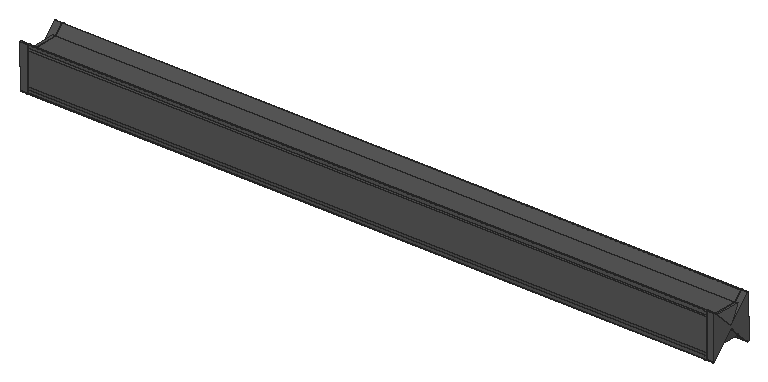
Revit family "LUX-W-D", category Lighting Fixtures, host Face, Revit 2018
Family settings
  Host = Face
  Round Connector Dimension = Use Diameter
  Part Type = Normal
  Cut with Voids When Loaded = No
  Light Source = Yes
  Shared = Yes
  Room Calculation Point = Yes
Parameters (values of type "4' Direct")
  Wattage = 17.6471 W
  built-in parameter 1150110 = 1 (stored number, unit not read)
  Voltage = 0 V
  built-in parameter 1114217 = 1 (stored number, unit not read)
  built-in parameter 1150109 = 1 (stored number, unit not read)
  built-in parameter 1150134 = 12
  Switch Leg Visibility = yes
  Switch Leg [instance] = ""
  Suspension Length [instance] = 2' - 0"
  built-in parameter 1150113 = 1 (stored number, unit not read)
  Material [instance] = LUX ILLUMINAIRE Black
  built-in parameter 1150105 = 477.46 (stored number, unit not read)
  Lumens = 1500 lm
  built-in parameter 1150115 = 1 (stored number, unit not read)
  Light Source Symbol Size = 2' - 0"
  built-in parameter 1150137 = (empty or 0)
  built-in parameter 1150139 = (empty or 0)
  built-in parameter 1150112 = 1 (stored number, unit not read)
  built-in parameter 1150114 = 1 (stored number, unit not read)
  Lamp = "LED"
  built-in parameter 1150132 = 2
  built-in parameter 1150102 = (empty or 0)
  built-in parameter 1150107 = 4000 (stored number, unit not read)
  built-in parameter 1150138 = (empty or 0)
  built-in parameter 1150106 = 4.7746 (stored number, unit not read)
  Fixture Width = 0' - 2 1/4"  # constant formula
  Fixture Symbol Visiblity = yes
  Fixture Length = 3' - 11.99935"
  End Cap Height [instance] = 1' - 8 15/16"
  End Cap - Sculpted = yes
  End Cap - Flat = no
  Emit from Rectangle Width = 0' - 2 1/2"  # constant formula
  Emit from Rectangle Length = Fixture Length  # 3' - 11.99935"
  Emit Shape Visible in Rendering = yes
  Emergency Lighting [instance] = no
  built-in parameter 1150104 = 7.8968 (stored number, unit not read)
  Dimming Lamp Color Temperature Shift = <None>
  Default Elevation = 7' - 0"
  Color Filter = 16777215
  built-in parameter 1140040 [instance] = 1
  built-in parameter 1114218 = 1 (stored number, unit not read)
  built-in parameter 1150133 = 10 (stored number, unit not read)
  Apparent Load = 12.8 VA
Types (7): name | Wattage | built-in parameter 1150105 | Lumens | built-in parameter 1150106 | Fixture Length | Emit from Rectangle Length | Apparent Load
  3' Direct | 13.2353 W | 358.1 (stored number, unit not read) | 1125 lm | 3.581 (stored number, unit not read) | 3' - 0" | 3' - 0" | 9.6 VA
  4' Direct | 17.6471 W | 477.46 (stored number, unit not read) | 1500 lm | 4.7746 (stored number, unit not read) | 3' - 11.99935" | 3' - 11.99935" | 12.8 VA
  5' Direct | 22.0588 W | 596.83 (stored number, unit not read) | 1875 lm | 5.9683 (stored number, unit not read) | 5' - 0" | 5' - 0" | 16 VA
  6' Direct | 26.4706 W | 716.2 (stored number, unit not read) | 2250 lm | 7.162 (stored number, unit not read) | 6' - 0" | 6' - 0" | 19.2 VA
  7' Direct | 30.8824 W | 835.56 (stored number, unit not read) | 2625 lm | 8.3556 (stored number, unit not read) | 7' - 0" | 7' - 0" | 22.4 VA
  8' Direct | 35.2941 W | 954.93 (stored number, unit not read) | 3000 lm | 9.5493 (stored number, unit not read) | 8' - 0" | 8' - 0" | 25.6 VA
  2' Direct | 8.82353 W | 238.73 (stored number, unit not read) | 750 lm | 2.3873 (stored number, unit not read) | 2' - 0" | 2' - 0" | 6.4 VA
Reference planes (in)
  plane 1 "Center (Front/Back)": y = 0
  plane 2: z = 0
  plane 3 "Center (Left/Right)": x = 0
  plane 4: x = 23.99967
  plane 5: x = -23.99967
  plane 6: z = 1
  plane 7: x = 24.25163
  plane 8: x = -24.25033
  plane 9: z = 2.25
  plane 10: x = 24.49967
  plane 11: x = -24.50033
Forms (in)
  Extrusion 1, solid, not visible
    sketch origin (0, 0, 0) x (1, 0, 0) y (0, 1, 0)
      loop
        circle (0.00029, -24) r 0.1875
    from 0 to 1
  Extrusion 2, solid, not visible
    sketch origin (0, 0, 0) x (1, 0, 0) y (0, 1, 0)
      loop
        circle (0.0005, -24) r 0.03125
    from 1 to 13.33203
  Extrusion 3, solid, not visible
    sketch origin (0, 0, 0) x (1, 0, 0) y (0, 1, 0)
      loop
        circle (0.0005, -24) r 0.18729
    from 13.33203 to 14.08203
  Extrusion 4, solid, material "LUX ILLUMINAIRE Black" <- "Material", visible <- "End Cap - Flat"
    sketch origin (0, -17.27953, 1.57677) x (0, 0, -1) y (0, 1, 0)
      loop
        line (-1.56538, 18.8186) -> (-1.01751, 18.27073) -> (-1.01751, 16.37827) -> (-1.56538, 15.83039)
        arc (-1.56538, 15.83039) -> (-1.56878, 15.80652) -> (-1.54849, 15.7935) r 0.02231
        line (-1.54849, 15.7935) -> (1.54849, 15.7935)
        arc (1.54849, 15.7935) -> (1.56878, 15.80652) -> (1.56538, 15.83039) r 0.02231
        line (1.56538, 15.83039) -> (1.01895, 16.37827) -> (1.01895, 18.27073) -> (1.56683, 18.8186)
        arc (1.56683, 18.8186) -> (1.56878, 18.84247) -> (1.54849, 18.8555) r 0.02231
        line (1.54849, 18.8555) -> (-1.54849, 18.8555)
        arc (-1.54849, 18.8555) -> (-1.56878, 18.84247) -> (-1.56538, 18.8186) r 0.02231
    from 23.99967 to 24.25163
  Extrusion 5, solid, material "LUX ILLUMINAIRE Black" <- "Material", visible <- "End Cap - Flat"
    sketch origin (0, -17.27953, 1.57677) x (0, 0, -1) y (0, -1, 0)
      loop
        arc (-1.56538, -18.8186) -> (-1.56878, -18.84247) -> (-1.54849, -18.8555) r 0.02231
        line (-1.54849, -18.8555) -> (1.54849, -18.8555)
        arc (1.54849, -18.8555) -> (1.56878, -18.84247) -> (1.56683, -18.8186) r 0.02231
        line (1.56683, -18.8186) -> (1.01895, -18.27073) -> (1.01895, -16.37827) -> (1.56538, -15.83039)
        arc (1.56538, -15.83039) -> (1.56878, -15.80652) -> (1.54849, -15.7935) r 0.02231
        line (1.54849, -15.7935) -> (-1.54849, -15.7935)
        arc (-1.54849, -15.7935) -> (-1.56878, -15.80652) -> (-1.56538, -15.83039) r 0.02231
        line (-1.56538, -15.83039) -> (-1.01751, -16.37827) -> (-1.01751, -18.27073) -> (-1.56538, -18.8186)
    from 23.99967 to 24.25033
  Extrusion 6, solid, material "LUX ILLUMINAIRE Black" <- "Material"
    sketch origin (0, 10.77848, 2.66418) x (0, 0, -1) y (0, 1, 0)
      loop
        line (2.40203, -12.26452) -> (2.40203, -12.23323) -> (2.22754, -12.26452) -> (-0.05203, -12.26452) -> (-0.22687, -12.23323) -> (-0.22687, -12.26452) -> (-0.46108, -12.26452)
        arc (-0.46108, -12.26452) -> (-0.48137, -12.25149) -> (-0.47797, -12.22763) r 0.02231
        line (-0.47797, -12.22763) -> (0.0699, -11.67975) -> (0.0699, -9.78729) -> (-0.47797, -9.23941)
        arc (-0.47797, -9.23941) -> (-0.48137, -9.21554) -> (-0.46108, -9.20252) r 0.02231
        line (-0.46108, -9.20252) -> (-0.22687, -9.20252) -> (-0.22687, -9.2338) -> (-0.05255, -9.20261) -> (2.22737, -9.20261) -> (2.40203, -9.23386) -> (2.40203, -9.20258) -> (2.6359, -9.20258)
        arc (2.6359, -9.20258) -> (2.65619, -9.2156) -> (2.6528, -9.23947) r 0.02231
        line (2.6528, -9.23947) -> (2.10636, -9.78735) -> (2.10636, -11.67981) -> (2.65424, -12.22763)
        arc (2.65424, -12.22763) -> (2.65619, -12.25149) -> (2.6359, -12.26452) r 0.02231
        line (2.6359, -12.26452) -> (2.40813, -12.26452)
    from -23.99967 to 23.99967
  Extrusion 7, solid, material "LUX ILLUMINAIRE Black" <- "Material", visible <- "End Cap - Sculpted"
    sketch origin (0, -17.27906, 1.57677) x (0, 0, -1) y (0, -1, 0)
      loop
        line (-1.54849, -18.8555) -> (1.54849, -18.8555)
        arc (1.54849, -18.8555) -> (1.56878, -18.84247) -> (1.56683, -18.8186) r 0.02231
        line (1.56683, -18.8186) -> (0.07272, -17.3245) -> (1.56538, -15.83039)
        arc (1.56538, -15.83039) -> (1.56878, -15.80652) -> (1.54849, -15.7935) r 0.02231
        line (1.54849, -15.7935) -> (-1.54849, -15.7935)
        arc (-1.54849, -15.7935) -> (-1.56878, -15.80652) -> (-1.56538, -15.83039) r 0.02231
        line (-1.56538, -15.83039) -> (-0.07128, -17.3245) -> (-1.56538, -18.8186)
        arc (-1.56538, -18.8186) -> (-1.56878, -18.84247) -> (-1.54849, -18.8555) r 0.02231
    from 23.99967 to 24.50033
  Extrusion 8, solid, material "LUX ILLUMINAIRE Black" <- "Material", visible <- "End Cap - Sculpted"
    sketch origin (0, -22.42354, 1.57677) x (0, 0, -1) y (-1, 0, 0)
      loop
        line (-1.01751, 24) -> (1.01895, 24) -> (1.01895, 24.19087) -> (0.07138, 24.47835) -> (-0.07128, 24.47835) -> (-1.01751, 24.19087) -> (-1.01751, 24)
    from 20.9375 <- "End Cap Height" to 24 <- "Suspension Length"
  Extrusion 9, solid, material "LUX ILLUMINAIRE Black" <- "Material", visible <- "End Cap - Sculpted"
    sketch origin (0, -17.27906, 1.57677) x (0, 0, -1) y (0, 1, 0)
      loop
        arc (-1.54849, 18.8555) -> (-1.56878, 18.84247) -> (-1.56538, 18.8186) r 0.02231
        line (-1.56538, 18.8186) -> (-0.07128, 17.3245) -> (-1.56538, 15.83039)
        arc (-1.56538, 15.83039) -> (-1.56878, 15.80652) -> (-1.54849, 15.7935) r 0.02231
        line (-1.54849, 15.7935) -> (1.54849, 15.7935)
        arc (1.54849, 15.7935) -> (1.56878, 15.80652) -> (1.56538, 15.83039) r 0.02231
        line (1.56538, 15.83039) -> (0.07272, 17.3245) -> (1.56683, 18.8186)
        arc (1.56683, 18.8186) -> (1.56878, 18.84247) -> (1.54849, 18.8555) r 0.02231
        line (1.54849, 18.8555) -> (-1.54849, 18.8555)
    from 23.99967 to 24.49967
  Extrusion 10, solid, material "LUX ILLUMINAIRE Black" <- "Material", visible <- "End Cap - Sculpted"
    sketch origin (0, -22.42354, 1.57677) x (0, 0, -1) y (-1, 0, 0)
      loop
        line (-1.01751, -24) -> (-1.01751, -24.19087) -> (-0.07128, -24.47835) -> (0.07138, -24.47835) -> (1.01895, -24.19087) -> (1.01895, -24) -> (-1.01751, -24)
    from 20.9375 <- "End Cap Height" to 24 <- "Suspension Length"
Cuts and joins
  joined: Extrusion 9, Extrusion 10
  joined: Extrusion 7, Extrusion 8
Lines and regions (in)
  symbolic lines, visible <- "Fixture Symbol Visiblity"
    curve 1: line (23.99967, 0, 3.14215) -> (-23.99967, 0, 3.14215)
    curve 2: line (23.99967, 0, 0.09334) -> (23.99967, 0, 3.14215)
    curve 3: line (-23.99967, 0, 0.09334) -> (23.99967, 0, 0.09334)
    curve 4: line (-23.99967, 0, 3.14215) -> (-23.99967, 0, 0.09334)
Dimensions and locks (in)
  plane 5 to plane 4 = 3' - 11.99935"
  plane 4 to plane 5 = 3' - 11.99935"
  equal spacing: plane 4, plane 3 "Center (Left/Right)", plane 5
  "Fixture Length": plane 4 to plane 5
  plane 10 to plane 7 to plane 4 = 0' - 0.24804" locked, 0' - 0.25196" locked
  plane 5 to plane 8 to plane 11 = 0' - 0.25065", 0' - 0 1/4"
  plane 9 to level = 0' - 2 1/4"
  "Fixture Width": level to plane 9
  aligned and locked: plane 2 to host face
  aligned and locked: level to host face
  aligned and locked: plane 5 to curve 4
  aligned and locked: curve 2 to plane 4
  aligned and locked: plane 4 to nested 1
  aligned and locked: nested 1 to plane 5
  aligned and locked: cut or joined group of Extrusion 7, Extrusion 8 to plane 11
  aligned and locked: Extrusion 5 to plane 8
  aligned and locked: plane 5 to cut or joined group of Extrusion 7, Extrusion 8
  aligned and locked: Extrusion 6 to plane 5
  aligned and locked: plane 5 to Extrusion 5
  aligned and locked: plane 10 to cut or joined group of Extrusion 9, Extrusion 10
  aligned and locked: plane 7 to Extrusion 4
  aligned and locked: cut or joined group of Extrusion 9, Extrusion 10 to plane 4
  aligned and locked: plane 4 to Extrusion 6
  aligned and locked: Extrusion 4 to plane 4
Automatic sketch dimensions
  host sketch curve to host sketch curve = 8' - 0"  (x2)
  Extrusion 4 sketch curve to plane 1 "Center (Front/Back)" = 0' - 1 69/128"  (x2)
  plane 9 to Extrusion 4 sketch curve = 0' - 0.89215"
  plane 1 "Center (Front/Back)" to Extrusion 4 sketch curve = 0' - 1.44914"  (x2)
  Extrusion 4 sketch curve to Extrusion 4 sketch curve = 0' - 0"
  Extrusion 4 sketch curve to Extrusion 4 sketch curve = 0' - 0.01689"  (x4)
  Extrusion 4 sketch curve to plane 1 "Center (Front/Back)" = 0' - 0.99119"  (x2)
  Extrusion 4 sketch curve to Extrusion 4 sketch curve = 0' - 0.53099"
  Extrusion 4 sketch curve to Extrusion 4 sketch curve = 0' - 2.03646"
  Extrusion 4 sketch curve to Extrusion 4 sketch curve = 0' - 0.52954"  (x2)
  Extrusion 4 sketch curve to Extrusion 4 sketch curve = 0' - 0.01458"  (x2)
  Extrusion 4 sketch curve to Extrusion 4 sketch curve = 0' - 0.02231"
  Extrusion 4 sketch curve to Extrusion 4 sketch curve = 0' - 0.56246"  (x3)
  Extrusion 4 sketch curve to Extrusion 4 sketch curve = 0' - 0.00145"  (x2)
  Extrusion 5 sketch curve to plane 1 "Center (Front/Back)" = 0' - 1 69/128"  (x2)
  plane 9 to Extrusion 5 sketch curve = 0' - 0.89215"
  plane 1 "Center (Front/Back)" to Extrusion 5 sketch curve = 0' - 1.44914"  (x2)
  Extrusion 5 sketch curve to Extrusion 5 sketch curve = 0' - 0"
  Extrusion 5 sketch curve to Extrusion 5 sketch curve = 0' - 0.01689"  (x4)
  Extrusion 5 sketch curve to plane 1 "Center (Front/Back)" = 0' - 0.99119"  (x2)
  Extrusion 5 sketch curve to Extrusion 5 sketch curve = 0' - 0.53099"
  Extrusion 5 sketch curve to Extrusion 5 sketch curve = 0' - 2.03646"
  Extrusion 5 sketch curve to Extrusion 5 sketch curve = 0' - 0.52954"  (x2)
  Extrusion 5 sketch curve to Extrusion 5 sketch curve = 0' - 0.01458"  (x2)
  Extrusion 5 sketch curve to Extrusion 5 sketch curve = 0' - 0.02231"
  Extrusion 5 sketch curve to Extrusion 5 sketch curve = 0' - 0.54788"
  plane 1 "Center (Front/Back)" to Extrusion 5 sketch curve = 0' - 0.90127"
  Extrusion 5 sketch curve to Extrusion 5 sketch curve = 0' - 0.56246"
  Extrusion 5 sketch curve to Extrusion 5 sketch curve = 0' - 0.00145"  (x2)
  plane 1 "Center (Front/Back)" to Extrusion 6 sketch curve = 0' - 1.44914"  (x2)
  plane 9 to Extrusion 6 sketch curve = 0' - 0.89215"
  Extrusion 6 sketch curve to plane 1 "Center (Front/Back)" = 0' - 1 69/128"
  Extrusion 6 sketch curve to Extrusion 6 sketch curve = 0' - 0"  (x3)
  Extrusion 6 sketch curve to Extrusion 6 sketch curve = 0' - 0.01689"  (x4)
  Extrusion 6 sketch curve to Extrusion 6 sketch curve = 0' - 0.23422"  (x2)
  Extrusion 6 sketch curve to plane 1 "Center (Front/Back)" = 0' - 1.57588"
  Extrusion 6 sketch curve to Extrusion 6 sketch curve = 0' - 0.17432"
  plane 1 "Center (Front/Back)" to Extrusion 6 sketch curve = 0' - 1.48604"
  Extrusion 6 sketch curve to Extrusion 6 sketch curve = 0' - 0.17483"
  Extrusion 6 sketch curve to Extrusion 6 sketch curve = 0' - 0.12194"
  Extrusion 6 sketch curve to plane 1 "Center (Front/Back)" = 0' - 0.99113"
  Extrusion 6 sketch curve to Extrusion 6 sketch curve = 0' - 2.03646"
  Extrusion 6 sketch curve to Extrusion 6 sketch curve = 0' - 0.12101"
  Extrusion 6 sketch curve to Extrusion 6 sketch curve = 0' - 0.12118"
  Extrusion 6 sketch curve to Extrusion 6 sketch curve = 0' - 0.17466"
  Extrusion 6 sketch curve to Extrusion 6 sketch curve = 0' - 0.17449"
  Extrusion 6 sketch curve to Extrusion 6 sketch curve = 0' - 0.23387"  (x2)
  Extrusion 6 sketch curve to Extrusion 6 sketch curve = 0' - 0.03689"
  Extrusion 6 sketch curve to Extrusion 6 sketch curve = 0' - 0.02231"
  Extrusion 6 sketch curve to Extrusion 6 sketch curve = 0' - 0.03129"  (x3)
  Extrusion 6 sketch curve to Extrusion 6 sketch curve = 0' - 0.58471"
  Extrusion 6 sketch curve to Extrusion 6 sketch curve = 0' - 0.58477"
  Extrusion 6 sketch curve to Extrusion 6 sketch curve = 0' - 0.58468"
  Extrusion 6 sketch curve to Extrusion 6 sketch curve = 0' - 0 1/32"
  Extrusion 6 sketch curve to Extrusion 6 sketch curve = 0' - 0.0312"
  Extrusion 6 sketch curve to Extrusion 6 sketch curve = 0' - 0.00897"
  Extrusion 6 sketch curve to Extrusion 6 sketch curve = 0' - 0.01458"
  Extrusion 6 sketch curve to Extrusion 6 sketch curve = 0' - 0.0061"
  Extrusion 6 sketch curve to plane 1 "Center (Front/Back)" = 0' - 1.53901"
  Extrusion 6 sketch curve to Extrusion 6 sketch curve = 0' - 0.00145"  (x2)
  plane 1 "Center (Front/Back)" to Extrusion 7 sketch curve = 0' - 1.44867"  (x2)
  plane 9 to Extrusion 7 sketch curve = 0' - 0.89215"
  Extrusion 7 sketch curve to plane 1 "Center (Front/Back)" = 0' - 1.53954"  (x2)
  Extrusion 7 sketch curve to Extrusion 7 sketch curve = 0' - 0"
  Extrusion 7 sketch curve to Extrusion 7 sketch curve = 0' - 0.01689"  (x4)
  Extrusion 7 sketch curve to plane 1 "Center (Front/Back)" = 0' - 0.04544"  (x2)
  Extrusion 7 sketch curve to Extrusion 7 sketch curve = 0' - 0.144"
  Extrusion 7 sketch curve to Extrusion 7 sketch curve = 0' - 1.47577"  (x2)
  Extrusion 7 sketch curve to plane 1 "Center (Front/Back)" = 0' - 1.55412"
  Extrusion 7 sketch curve to Extrusion 7 sketch curve = 0' - 0.01458"  (x2)
  plane 1 "Center (Front/Back)" to Extrusion 7 sketch curve = 0' - 1.46325"
  Extrusion 7 sketch curve to Extrusion 7 sketch curve = 0' - 0.00145"
  plane 8 to Extrusion 8 sketch curve = 0' - 0.05946"  (x2)
  plane 9 to Extrusion 8 sketch curve = 0' - 0.34428"
  Extrusion 8 sketch curve to plane 8 = 0' - 0.22802"
  Extrusion 8 sketch curve to Extrusion 8 sketch curve = 0' - 0.94623"
  Extrusion 8 sketch curve to Extrusion 8 sketch curve = 0' - 0.14266"
  Extrusion 8 sketch curve to plane 5 = 0' - 0.00033"
  Extrusion 8 sketch curve to Extrusion 8 sketch curve = 0' - 0.94757"
  plane 1 "Center (Front/Back)" to Extrusion 9 sketch curve = 0' - 1.44867"  (x2)
  plane 9 to Extrusion 9 sketch curve = 0' - 0.89215"
  Extrusion 9 sketch curve to plane 1 "Center (Front/Back)" = 0' - 1.53954"  (x2)
  Extrusion 9 sketch curve to Extrusion 9 sketch curve = 0' - 0"
  Extrusion 9 sketch curve to Extrusion 9 sketch curve = 0' - 0.01689"  (x4)
  Extrusion 9 sketch curve to plane 1 "Center (Front/Back)" = 0' - 0.04544"  (x2)
  Extrusion 9 sketch curve to Extrusion 9 sketch curve = 0' - 0.144"
  Extrusion 9 sketch curve to Extrusion 9 sketch curve = 0' - 1.47577"  (x2)
  plane 1 "Center (Front/Back)" to Extrusion 9 sketch curve = 0' - 1.46325"
  Extrusion 9 sketch curve to Extrusion 9 sketch curve = 0' - 0.01458"  (x2)
  Extrusion 9 sketch curve to plane 1 "Center (Front/Back)" = 0' - 1.55412"
  Extrusion 9 sketch curve to Extrusion 9 sketch curve = 0' - 0.00145"
  Extrusion 10 sketch curve to plane 7 = 0' - 0.06076"  (x2)
  plane 9 to Extrusion 10 sketch curve = 0' - 0.34428"
  plane 7 to Extrusion 10 sketch curve = 0' - 0.22671"
  Extrusion 10 sketch curve to Extrusion 10 sketch curve = 0' - 0.94623"
  Extrusion 10 sketch curve to Extrusion 10 sketch curve = 0' - 0.14266"
  plane 4 to Extrusion 10 sketch curve = 0' - 0.00033"
  Extrusion 10 sketch curve to Extrusion 10 sketch curve = 0' - 0.94757"
  level to curve 3 = 0' - 0.09334"
  plane 9 to curve 2 = 0' - 0.89215"
  radius of Extrusion 1 sketch curve = 0' - 0 3/16"
  radius of Extrusion 2 sketch curve = 0' - 0 1/32"
  radius of Extrusion 3 sketch curve = 0' - 0.18729"
Nested families (in)
  nested 1: "Emergency Symbol Rectangle" at (0.00033, 0, -9.75288) x (-1, 0, 0) z (0, -1, 0), visible <- "Emergency Lighting", type "Emergency Symbol Rectangle"
    with Width 0' - 10.29006", Length 3' - 11.99935"
Definition of nested family "Emergency Symbol Rectangle"
  Parameters (values of type "Emergency Symbol Rectangle")
    Width [instance] = 0' - 8 1/2"
    Length [instance] = 5' - 0"
    Emergency Visibility = no
  Reference planes (in)
    plane 1 "Center (Front/Back)": y = -7.75
    plane 2: z = 0
    plane 3 "Center (Left/Right)": x = -24
    plane 4: x = 24
    plane 5: x = -36
    plane 6: y = -3.5
    plane 7: y = -12
  Lines and regions (in)
    Filled region 1, type "Solid Fill - Black", in view "Ref. Level", detail levels coarse+medium
      outline origin (0, 0.25, 0) x (1, 0, 0) y (0, 1, 0)
        loop
          line (-36, -12.25) -> (24, -12.25) -> (-36, -10.125) -> (-36, -12.25)
  Dimensions and locks (in)
    equal spacing: plane 7, plane 1 "Center (Front/Back)", plane 6
    "Width": plane 7 to plane 6
    "Length": plane 5 to plane 4
    aligned and locked: plane 5 to Filled region 1
  Automatic sketch dimensions
    plane 1 "Center (Front/Back)" to Filled region 1 sketch curve = 0' - 2 1/8"
    Filled region 1 sketch curve to plane 3 "Center (Left/Right)" = 1' - 0"
    Filled region 1 sketch curve to plane 4 = 0' - 0"
    Filled region 1 sketch curve to plane 7 = 0' - 0"
